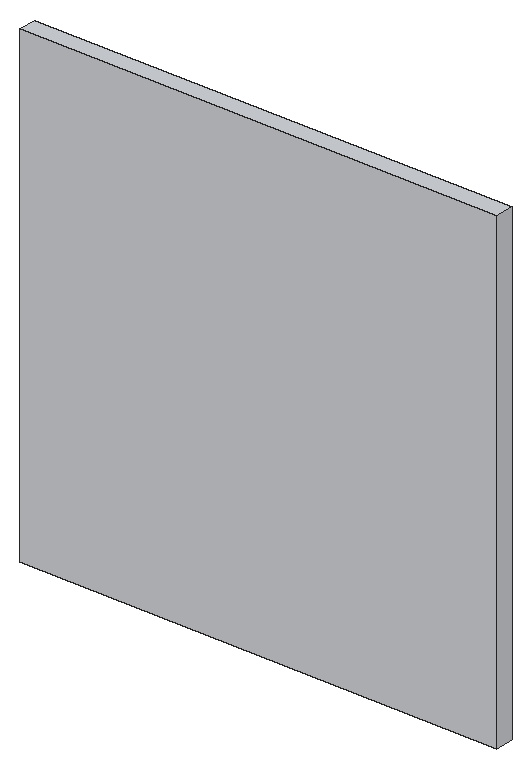
Revit family
Parameters
  Width = 3' - 2"
  Mirror = mirror
  Height = 4' - 4"
  Boarder = none
Reference planes (in)
  plane 1: y = 0
  plane 2 "Center (Left/Right)": x = 0
  plane 3 "Wall Edge": y = 3
  plane 4: z = 52
  plane 5: x = 19
  plane 6: x = -19
Forms (in)
  Extrusion 1, solid, material <- "Boarder"
    sketch origin (0, 0, 0) x (1, 0, 0) y (0, 1, 0)
      loop
        line (-24, 3) -> (28, 3) -> (28, 5) -> (-24, 5) -> (-24, 3)
    from 0 to 52
  Extrusion 2, void
    sketch origin (28, 5, 0) x (1, 0, 0) y (0, 0, 1)
      loop
        line (-4, 48) -> (-48, 48) -> (-48, 4) -> (-4, 4) -> (-4, 48)
    from 0 to 1
  Extrusion 3, solid, material "mirror" <- "Mirror"
    sketch origin (28, 5, 0) x (-1, 0, 0) y (0, 0, 1)
      loop
        line (4, 48) -> (4, 4) -> (48, 4) -> (48, 48) -> (4, 48)
    from 0 to -1
Cuts and joins
  Extrusion 2 cuts Extrusion 1
Text (in)
  text "Placement Side" at (0, 22.0041, 123.01588), in view "Right"
  text "Placement Side" at (-70.3804, 28.46503, 0), in view "Ref. Level"
  text "Placement Side" at (0, 81.56103, 140.59947), in view "Left"
Dimensions and locks (in)
  locked: plane 3 "Wall Edge" to host wall
  "Height": level to plane 4
  equal spacing: plane 6, plane 2 "Center (Left/Right)", plane 5
  "Width": plane 6 to plane 5
  aligned and locked: plane 4 to Extrusion 1
  aligned and locked: Extrusion 3 sketch curve to cut or joined group of Extrusion 1, Extrusion 2  (x4)
  aligned and locked: Extrusion 3 to cut or joined group of Extrusion 1, Extrusion 2
Automatic sketch dimensions
  Extrusion 1 sketch curve to host wall = 0' - 0"
  host wall to Extrusion 1 sketch curve = 0' - 2"
  plane 6 to Extrusion 1 sketch curve = 0' - 5"
  Extrusion 1 sketch curve to plane 5 = 0' - 9"
  Extrusion 2 sketch curve to Extrusion 1 = 0' - 4"  (x3)
  Extrusion 1 to Extrusion 2 sketch curve = 0' - 4"
